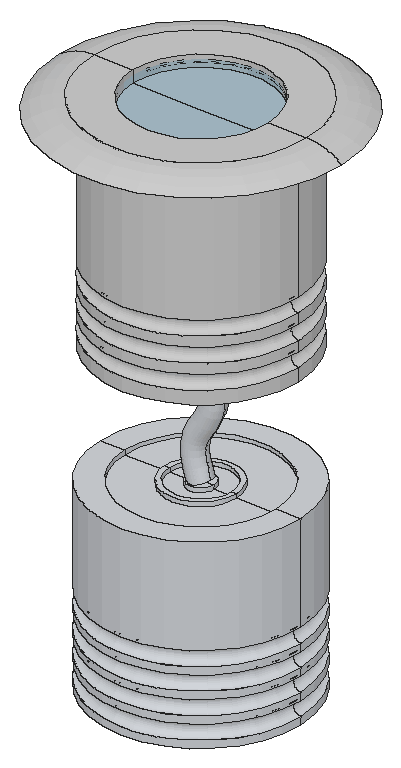
Revit family "SLIM INGROUND 2W SIMETRICO_LKB0126WW.45", category Luminarias, Revit 2019
Family settings
  Cota de conector redondo = Diámetro de uso
  Tipo de pieza = Normal
  Se basa en plano de trabajo = Sí
  Siempre vertical = No
  Corte con vacíos al cargar = No
  Origen de luz = Sí
  Compartido = No
  Punto de cálculo de habitación = No
Parameters (values of type "EMP_LKB0126WW.45")
  Ángulo de inclinación = 30.00°
  Ángulo de enfoque = 45.00°
  Ángulo de campo de foco = 45.00°
  Zone [instance] = ""
  Watt per fixture = 3.2
  Wattage = 3.2 W
  built-in parameter 1150107 = 3000 (stored number, unit not read)
  built-in parameter 1150110 = 1 (stored number, unit not read)
  built-in parameter 1150109 = 1 (stored number, unit not read)
  built-in parameter 1150112 = 1 (stored number, unit not read)
  built-in parameter 1150113 = 1 (stored number, unit not read)
  built-in parameter 1114218 = 1 (stored number, unit not read)
  Keynote = ""
  built-in parameter 1150137 = (empty or 0)
  built-in parameter 1150132 = (empty or 0)
  Modelo = "LKB0126WW.45"
  Lámpara = "OSRAM"
  Longitud de símbolo de origen de luz = 500 mm
  built-in parameter 1150105 = 317.35 (stored number, unit not read)
  built-in parameter 1150102 = (empty or 0)
  built-in parameter 1150106 = 3.1735 (stored number, unit not read)
  Lumens = 109.984 lm
  Color Filter = 16777215
  built-in parameter 1114217 = 1 (stored number, unit not read)
  built-in parameter 1150139 = (empty or 0)
  Fabricante = "BRILLANT"
  Default Elevation = 0 mm
  built-in parameter 1150104 = 3.1931 (stored number, unit not read)
  Descripción = "LUMINARIA TIPO CIRCULAR PARA EMPOTRAR EN PISO CON CUERPO DE ALUMINIO FUNDIDO A PRESION CUBIERTO CON POLVO GRIS OSCURO, CON CUBIERTA DE ACERO INOXIDABLE Y VIDRIO TEMPLADO DE 7MM, INSTALACION EMPOTRABLE EN PISO CON POCO ESPACIO, USO PARA INTERIORES COMO EXTERIORES CON IP 67, CUENTA CON 1 LED TIPO OSRAM CON UNA POTENCIA TOTAL DE 3.2W, A UNA TEMPERATURA EN BLANCO CALIDO 3000K CON 110 LUMENES, 46mA EN CORRIENTE DE OPERACIÓN, IK08, IRC 80, DISPONIBLE PARA ATENUAR EN TRIAC, APERTURA EN 45 GRADOS POR PROYECTO, ALIMENTADA A 100-240V"
  built-in parameter 1150115 = 1 (stored number, unit not read)
  built-in parameter 1150114 = 1 (stored number, unit not read)
  Comentarios de vataje = "100-240V"
  built-in parameter 1150138 = (empty or 0)
  built-in parameter 1150134 = (empty or 0)
  Circuit [instance] = ""
  Dimming Lamp Color Temperature Shift = (empty or 0)
  built-in parameter 1150133 = 10 (stored number, unit not read)
Reference planes
  plane 1 "Centro (Frontal/Posterior)": y = 0
  plane 2: z = 0
  plane 3 "Centro (Izquierda/Derecha)": x = 0
  plane 4: z = -43
  plane 5: z = -43
Forms (mm)
  Revolve 1, solid, material "Acero Inoxidable"
    sketch origin (0, 0, 0) x (1, 0, 0) y (0, 0, 1)
      loop
        line (-13.888, 2.379) -> (-21.807, 2.379)
        arc (-21.807, 2.379) -> (-25.595, 1.769) -> (-29, 0) r 12.065
        line (-29, 0) -> (-20, 0) -> (-20, -27.422)
        arc (-20, -27.422) -> (-18.501, -28.92) -> (-20, -30.419) r 1.499
        line (-20, -30.419) -> (-20, -32.422)
        arc (-20, -32.422) -> (-18.501, -33.92) -> (-20, -35.419) r 1.499
        line (-20, -35.419) -> (-20, -37.422)
        arc (-20, -37.422) -> (-18.501, -38.92) -> (-20, -40.419) r 1.499
        line (-20, -40.419) -> (-20, -43) -> (0, -43) -> (0, 0) -> (-13.888, 0) -> (-13.888, 2.379)
      axis (0, 2.379) -> (0, -43)
    angle from 0 to 360
  Extrusion 2, solid, material "Cristal"
    sketch origin (0, 0, 0) x (1, 0, 0) y (0, 1, 0)
      loop
        circle (0, 0) r 13.888
    from 0.921 to 1.499
  Revolve 3, solid
    sketch origin (0, 0, 0) x (1, 0, 0) y (0, 0, 1)
      loop
        line (0, -68) -> (-2.74, -68) -> (-2.74, -68.8) -> (-6.359, -68.8) -> (-6.359, -68) -> (-7.33, -68) -> (-7.33, -68.8) -> (-15.5, -68.8) -> (-15.5, -68) -> (-20.5, -68) -> (-20.5, -87.886)
        arc (-20.5, -87.886) -> (-19, -89.386) -> (-20.5, -90.886) r 1.5
        line (-20.5, -90.886) -> (-20.5, -92.386)
        arc (-20.5, -92.386) -> (-19, -93.886) -> (-20.5, -95.386) r 1.5
        line (-20.5, -95.386) -> (-20.5, -96.886)
        arc (-20.5, -96.886) -> (-19, -98.386) -> (-20.5, -99.886) r 1.5
        line (-20.5, -99.886) -> (-20.5, -101.386)
        arc (-20.5, -101.386) -> (-19, -102.886) -> (-20.5, -104.386) r 1.5
        line (-20.5, -104.386) -> (-20.5, -105.886) -> (-5.287, -105.886) -> (-5.287, -106.7) -> (-3.687, -106.7) -> (-3.687, -107.5) -> (0, -107.5) -> (0, -68)
      axis (0, -107.5) -> (0, -68)
    angle from 0 to 360
  Sweep 4, solid
    path origin (0, 0, 0) x (1, 0, 0) y (0, 0, 1)
      loop
        spline (0, -43) -> (1.657, -46.367) -> (2.52, -49.202) -> (2.752, -51.568) -> (2.514, -53.527) -> (1.969, -55.145) -> (1.246, -56.519) -> (0.453, -57.778) -> (-0.303, -59.048) -> (-0.913, -60.464) -> (-1.208, -62.242) -> (-0.975, -64.66) -> (0, -68)
    profile origin (1.246, 0, -56.519) x (0.858036, 0, -0.513589) y (0, -1, 0)
      loop
        circle (0, 0) r 2.272
Dimensions and locks
  level to plane 4 = 43 mm
  plane 2 to plane 5 = 43 mm
  aligned and locked: level to plane 2
Connectors
  electrical at (0, 0, -107.5)
    settings: on Revolve 3, index 1, voltage 240 V, apparent load 0 VA, apparent load phase1 0 VA, apparent load phase2 0 VA, apparent load phase3 0 VA, power factor 1, load classification "Otro", number of poles 1, system type 31, power factor state 1, is connector primary yes, connector utility no, sub classification motor no, connector description ""
